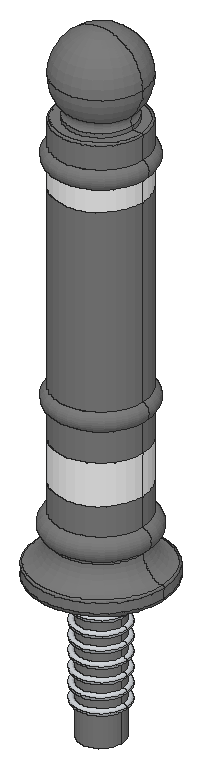
Revit family "Pilona Eros Flex", category Furniture, Revit 2020
Family settings
  OmniClass Number = 23.40.20.00
  OmniClass Title = General Furniture and Specialties
  Work Plane-Based = No
  Always vertical = Yes
  Cut with Voids When Loaded = No
  Shared = No
  Room Calculation Point = No
Parameters (values of type "Pilona Eros Flex-H412-120mm")
  URL_Producto = "https://www.benito.com/es/mobiliario-urbano/pilonas-semiflexibles/eros-flex--H412.html"
  Type Comments = "Con dos bandas reflectantes en la parte superior e inferior."
  Referencia = "H412"
  Material = Polietilieno
  H1 = 0.200 m
  H = 0.900 m
  Ficha_Tecnica = "https://www.benito.com/es/download/data-sheet-H412"
  Fabricante = "BENITO URBAN SL"
  Description = "Pilona fabricada en polietileno de baja y alta densidad, compactado. Su interior con goma reciclada de caucho lo que le permite soportar grandes\r\nimpactos."
  Default Elevation = 0.000 m
  B = 0.073 m
  A = 0.120 m
Reference planes (m)
  plane 1 "Center (Front/Back)": y = 0
  plane 2: z = 0
  plane 3 "Center (Left/Right)": x = 0
  plane 4: y = 0.2
  plane 5: y = 0.9
  plane 6: x = -0.0365
  plane 7: x = 0.0365
  plane 8: z = 0.2
  plane 9: z = 0.9
  plane 10: x = -0.05988
  plane 11: x = 0.06012
Forms (m)
  Revolve 1, solid, material "Polyethylene"
    sketch origin (0, 0, 0) x (1, 0, 0) y (0, 0, 1)
      loop
        arc (-0.059864, 0.84) -> (-0.055977, 0.82) -> (-0.04488, 0.802913) r 0.053389
        arc (-0.04488, 0.802913) -> (-0.042198, 0.796274) -> (-0.04488, 0.789636) r 0.009556
        line (-0.04488, 0.789636) -> (-0.04488, 0.784636) -> (-0.057465, 0.784636)
        arc (-0.057465, 0.784636) -> (-0.059173, 0.783929) -> (-0.05988, 0.782221) r 0.002415
        line (-0.05988, 0.782221) -> (-0.05988, 0.751826)
        arc (-0.05988, 0.751826) -> (-0.067891, 0.739326) -> (-0.05988, 0.726826) r 0.013758
        line (-0.05988, 0.726826) -> (-0.058345, 0.726826) -> (-0.058345, 0.698042) -> (-0.05988, 0.698042) -> (-0.05988, 0.444443)
        arc (-0.05988, 0.444443) -> (-0.067891, 0.431943) -> (-0.05988, 0.419443) r 0.013758
        line (-0.05988, 0.419443) -> (-0.05988, 0.379443) -> (-0.058345, 0.379443) -> (-0.058345, 0.324443) -> (-0.05988, 0.324443) -> (-0.05988, 0.285995)
        arc (-0.05988, 0.285995) -> (-0.071367, 0.271466) -> (-0.062303, 0.255314) r 0.01664
        arc (-0.062303, 0.255314) -> (-0.060503, 0.253596) -> (-0.059955, 0.251169) r 0.004305
        arc (-0.059955, 0.251169) -> (-0.068375, 0.231267) -> (-0.087218, 0.220684) r 0.033403
        arc (-0.087218, 0.220684) -> (-0.088785, 0.219767) -> (-0.089403, 0.21806) r 0.002668
        line (-0.089403, 0.21806) -> (-0.089403, 0.205)
        arc (-0.089403, 0.205) -> (-0.087938, 0.201464) -> (-0.084403, 0.2) r 0.005
        line (-0.084403, 0.2) -> (-0.029403, 0.2) -> (-0.029403, 0) -> (0, 0) -> (0, 0.9)
        arc (0, 0.9) -> (-0.042339, 0.882378) -> (-0.059864, 0.84) r 0.06
      axis (0, 0.9) -> (0, 0)
    angle from 0 to 360
  Revolve 2, solid, material "Aluminium"
    sketch origin (0, 0, 0) x (1, 0, 0) y (0, 0, 1)
      loop
        line (-0.058345, 0.726826) -> (-0.05988, 0.726826) -> (-0.05988, 0.698042) -> (-0.058345, 0.698042) -> (-0.058345, 0.726826)
      loop
        line (-0.058345, 0.379443) -> (-0.05988, 0.379443) -> (-0.05988, 0.324443) -> (-0.058345, 0.324443) -> (-0.058345, 0.379443)
      axis (0, 0.726826) -> (0, 0.324443)
    angle from 0 to 360
  Sweep 3, solid
    path origin (0, 0, 0) x (1, 0, 0) y (0, 1, 0)
      loop
        circle (0, 0) r 0.032903
    profile origin (0, 0.032903, 0) x (0, 1, 0) y (0, 0, 1)
      loop
        circle (0, 0.16625) r 0.0035
  Sweep 4, solid
    path origin (0, 0, -0.0375) x (1, 0, 0) y (0, 1, 0)
      loop
        circle (0, 0) r 0.032903
    profile origin (0, 0.032903, -0.0375) x (0, 1, 0) y (0, 0, 1)
      loop
        circle (0, 0.18375) r 0.0035
  Sweep 5, solid
    path origin (0, 0, 0.310966) x (0, -1, 0) y (1, 0, 0)
      loop
        circle (0, 0) r 0.032903
    profile origin (0, 0.032903, 0.310966) x (0, 1, 0) y (0, 0, 1)
      loop
        circle (0, -0.18375) r 0.0035
  Sweep 6, solid
    path origin (0, 0, 0.271201) x (0, -1, 0) y (1, 0, 0)
      loop
        circle (0, 0) r 0.032903
    profile origin (0, 0.032903, 0.271201) x (0, 1, 0) y (0, 0, 1)
      loop
        circle (0, -0.18375) r 0.0035
  Sweep 7, solid
    path origin (0, 0, 0.291201) x (0, -1, 0) y (1, 0, 0)
      loop
        circle (0, 0) r 0.032903
    profile origin (0, 0.032903, 0.291201) x (0, 1, 0) y (0, 0, 1)
      loop
        circle (0, -0.18375) r 0.0035
  Sweep 8, solid
    path origin (0, 0, -0.135966) x (1, 0, 0) y (0, 1, 0)
      loop
        circle (0, 0) r 0.032903
    profile origin (0, 0.032903, -0.135966) x (0, 1, 0) y (0, 0, 1)
      loop
        circle (0, 0.18375) r 0.0035
  Sweep 9, solid
    path origin (0, 0, -0.116201) x (1, 0, 0) y (0, 1, 0)
      loop
        circle (0, 0) r 0.032903
    profile origin (0, 0.032903, -0.116201) x (0, 1, 0) y (0, 0, 1)
      loop
        circle (0, 0.18375) r 0.0035
Dimensions and locks (m)
  plane 1 "Center (Front/Back)" to plane 4 = 0.200 m
  plane 1 "Center (Front/Back)" to plane 5 = 0.900 m
  "H1": plane 8 to level
  "H": plane 9 to level
  "B": plane 7 to plane 6
  "A": plane 11 to plane 10
  aligned and locked: level to plane 2
Automatic sketch dimensions
  Revolve 1 sketch curve to plane 8 = 0.000 m
  Revolve 1 sketch curve to plane 10 = 0.000 m  (x3)
  plane 10 to Revolve 1 sketch curve = 0.000 m  (x2)
  Revolve 1 sketch curve to level = 0.000 m
  Revolve 1 sketch curve to plane 3 "Center (Left/Right)" = 0.000 m  (x2)
  Revolve 1 sketch curve to plane 10 = 0.004369 m
  plane 8 to Revolve 1 sketch curve = 0.005 m
  Revolve 1 sketch curve to plane 10 = 0.024523 m
  Revolve 1 sketch curve to Revolve 1 sketch curve = 0.002668 m
  Revolve 1 sketch curve to Revolve 1 sketch curve = 0.029025 m
  plane 10 to Revolve 1 sketch curve = 0.001535 m  (x2)
  plane 10 to Revolve 1 sketch curve = 0.002415 m
  plane 10 to Revolve 1 sketch curve = 0.005101 m
  plane 10 to Revolve 1 sketch curve = 0.005747 m  (x2)
  plane 10 to Revolve 1 sketch curve = 0.008126 m
  Revolve 1 sketch curve to plane 6 = 0.00838 m
  plane 6 to Revolve 1 sketch curve = 0.007097 m
  Revolve 1 sketch curve to plane 3 "Center (Left/Right)" = 0.006475 m
  plane 3 "Center (Left/Right)" to Revolve 1 sketch curve = 0.000136 m
  Revolve 1 sketch curve to Revolve 1 sketch curve = 0.01306 m
  Revolve 1 sketch curve to Revolve 1 sketch curve = 0.033414 m
  Revolve 1 sketch curve to Revolve 1 sketch curve = 0.002059 m
  Revolve 1 sketch curve to Revolve 1 sketch curve = 0.018682 m
  Revolve 1 sketch curve to Revolve 1 sketch curve = 0.015839 m
  Revolve 1 sketch curve to Revolve 1 sketch curve = 0.038448 m
  Revolve 1 sketch curve to Revolve 1 sketch curve = 0.055 m
  Revolve 1 sketch curve to Revolve 1 sketch curve = 0.040 m
  Revolve 1 sketch curve to Revolve 1 sketch curve = 0.0125 m  (x2)
  Revolve 1 sketch curve to plane 9 = 0.201958 m
  Revolve 1 sketch curve to Revolve 1 sketch curve = 0.028784 m
  Revolve 1 sketch curve to Revolve 1 sketch curve = 0.030395 m
  Revolve 1 sketch curve to Revolve 1 sketch curve = 0.005 m
  Revolve 1 sketch curve to Revolve 1 sketch curve = 0.006638 m
  Revolve 1 sketch curve to plane 9 = 0.060 m
  Revolve 1 sketch curve to plane 9 = 0.000 m
  Revolve 1 sketch curve to plane 10 = 0.000075 m
  Revolve 1 sketch curve to Revolve 1 sketch curve = 0.000 m  (x2)
  Revolve 1 sketch curve to level = 1.434717 m
  plane 9 to Revolve 1 sketch curve = 0.582579 m
  plane 10 to Revolve 2 sketch curve = 0.000 m
  Revolve 2 sketch curve to plane 10 = 0.000 m
  Revolve 2 sketch curve to plane 3 "Center (Left/Right)" = 0.000 m
  plane 10 to Revolve 2 sketch curve = 0.001535 m  (x2)
  plane 8 to Revolve 2 sketch curve = 0.124443 m
  Revolve 2 sketch curve to Revolve 2 sketch curve = 0.055 m
  Revolve 2 sketch curve to plane 9 = 0.201958 m
  Revolve 2 sketch curve to Revolve 2 sketch curve = 0.028784 m
  Revolve 2 sketch curve to level = 0.440494 m
  plane 9 to Revolve 2 sketch curve = 1.097414 m
  Sweep 3 sketch curve to Sweep 3 sketch curve = 0.000 m  (x2)
  plane 1 "Center (Front/Back)" to Sweep 3 sketch curve = 0.000 m
  Sweep 3 sketch curve to plane 3 "Center (Left/Right)" = 0.000 m
  plane 6 to Sweep 3 sketch curve = 0.003597 m
  Sweep 3 sketch curve to profile plane = 0.000 m
  level to Sweep 3 sketch curve = 0.16625 m
  Sweep 4 sketch curve to Sweep 4 sketch curve = 0.000 m  (x2)
  plane 1 "Center (Front/Back)" to Sweep 4 sketch curve = 0.000 m
  Sweep 4 sketch curve to plane 3 "Center (Left/Right)" = 0.000 m
  plane 6 to Sweep 4 sketch curve = 0.003597 m
  Sweep 4 sketch curve to profile plane = 0.000 m
  profile plane to Sweep 4 sketch curve = 0.18375 m
  Sweep 5 sketch curve to Sweep 5 sketch curve = 0.000 m  (x2)
  plane 1 "Center (Front/Back)" to Sweep 5 sketch curve = 0.000 m
  Sweep 5 sketch curve to plane 3 "Center (Left/Right)" = 0.000 m
  plane 6 to Sweep 5 sketch curve = 0.003597 m
  Sweep 5 sketch curve to profile plane = 0.000 m
  Sweep 5 sketch curve to profile plane = 0.18375 m
  Sweep 6 sketch curve to Sweep 6 sketch curve = 0.000 m  (x2)
  plane 1 "Center (Front/Back)" to Sweep 6 sketch curve = 0.000 m
  Sweep 6 sketch curve to plane 3 "Center (Left/Right)" = 0.000 m
  plane 6 to Sweep 6 sketch curve = 0.003597 m
  Sweep 6 sketch curve to profile plane = 0.000 m
  Sweep 6 sketch curve to profile plane = 0.18375 m
  Sweep 7 sketch curve to Sweep 7 sketch curve = 0.000 m  (x2)
  plane 1 "Center (Front/Back)" to Sweep 7 sketch curve = 0.000 m
  Sweep 7 sketch curve to plane 3 "Center (Left/Right)" = 0.000 m
  plane 6 to Sweep 7 sketch curve = 0.003597 m
  Sweep 7 sketch curve to profile plane = 0.000 m
  Sweep 7 sketch curve to profile plane = 0.18375 m
  Sweep 8 sketch curve to Sweep 8 sketch curve = 0.000 m  (x2)
  plane 1 "Center (Front/Back)" to Sweep 8 sketch curve = 0.000 m
  Sweep 8 sketch curve to plane 3 "Center (Left/Right)" = 0.000 m
  plane 6 to Sweep 8 sketch curve = 0.003597 m
  Sweep 8 sketch curve to profile plane = 0.000 m
  profile plane to Sweep 8 sketch curve = 0.18375 m
  Sweep 9 sketch curve to Sweep 9 sketch curve = 0.000 m  (x2)
  plane 1 "Center (Front/Back)" to Sweep 9 sketch curve = 0.000 m
  Sweep 9 sketch curve to plane 3 "Center (Left/Right)" = 0.000 m
  plane 6 to Sweep 9 sketch curve = 0.003597 m
  Sweep 9 sketch curve to profile plane = 0.000 m
  profile plane to Sweep 9 sketch curve = 0.18375 m
  radius of Sweep 3 sketch curve = 0.0035 m
  radius of Sweep 4 sketch curve = 0.0035 m
  radius of Sweep 5 sketch curve = 0.0035 m
  radius of Sweep 6 sketch curve = 0.0035 m
  radius of Sweep 7 sketch curve = 0.0035 m
  radius of Sweep 8 sketch curve = 0.0035 m
  radius of Sweep 9 sketch curve = 0.0035 m
